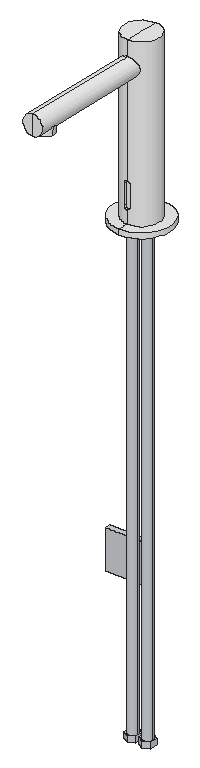
Revit family "BasinMixer-CountertopPhotocellMixer-WithMains-Vitra-AquaSeeSeries-A47213", category Plumbing Fixtures, host Face, Revit 2017
Family settings
  Host = Face
  Round Connector Dimension = Use Diameter
  Part Type = Normal
  OmniClass Number = 23.45.55.17
  OmniClass Title = Mixing Faucets
  Cut with Voids When Loaded = No
  Shared = Yes
  Room Calculation Point = No
Parameters (values of type "BasinMixer-CountertopPhotocellMixer-Vitra-AquaSeeSeries-A47213")
  Youtube = "https://www.youtube.com/user/VitrAglobal"
  Weight Net (kg) = "2.57"
  Waste Connection = no
  Warranty Period (Year) = "2 Years"
  Vent Connection = no
  Uniformat II Description = "Plumbing Fixture"
  Uniformat II Code = "22 40 00"
  Uniclass 2015 Name = "Washbasin Tap"
  Uniclass 2015 Code = "Pr_40_20_87_98"
  Uniclass 2.0 Description = "Washbasin Tap"
  Uniclass 2.0 Code = "Pr_40_30_96_98"
  Uniclass 1.4 Description = "Mixer taps"
  Uniclass 1.4 Code = "L725111"
  URL = "https://vitraglobal.com/"
  UNSPSC Description = ""
  UNSPSC Code = ""
  Test Pressure = "16 bar"
  Technical description = "https://www.vitra.com.tr/pdf/A47213/"
  Tap hole Options (default) = ""
  Specification = ""
  Region South America = "All"
  Region Oceania = "All"
  Region North America = "All"
  Region Middle East = "All"
  Region Europe = "All"
  Region Asia = "All"
  Region Antarctica = "All"
  Region Africa = "All"
  Range of flow pressure = "1 - 5 bar"
  Range of Hot Water Supply = "5 - 65 °C"
  Product url = "https://www.vitra.com.tr/armaturler/lavabo-bataryalari/elektronik-lavabo-bataryasi/origin-temassiz-lavabo-bataryasi-tezgah-uzeri-sku-A47213/"
  Product manual = ""
  Product group = "AquaSee Basin Mixer"
  Product family = "AquaSee"
  Product data url = "https://www.bimobject.com/vitra-bathrooms/product/a47213"
  Product certification = "https://www.vitraglobal.com/brochures/"
  Product Type = "Basin Mixer"
  Product SKU = "A47213"
  Product Properties = "Energy Saving"
  Product Guid = ""
  Power Source Mains = yes
  Power Source Battery = no
  OmniClass Description = "Mixing Faucets"
  OmniClass Code = "23.45.55.17"
  Number Of Connections = "2"
  Nominal Width (mm) = 58 mm
  Nominal Height (mm) = 175 mm
  Nominal Depth (mm) = 170 mm
  NBS Referans Description = "Water supply fittings for wash basins and troughs"
  NBS Referans Code = "45-35-70/371"
  Mounting type = "Countertop"
  Model = "A47213"
  Min. flow pressure of = "0.5 bar"
  Masterformat 2014 Description = "Plumbing Fixtures"
  Masterformat 2014 Code = "22 40 00"
  Manufacturer name = "Vitra"
  Manufacturer = "Vitra"
  Main Material = "Brass"
  Installation instructions = ""
  IFC Classification = "Sanitary Terminal"
  Hot Water temperature, factory set to = "38 °C"
  Hot Water Supply (max.) = "80 °C"
  Help = ""
  HW Connection = yes
  GTIP code = ""
  Flow Rate(L/min. - 3 bar) = "5 L/min."
  Features = ""
  EAN code = ""
  Design country = "Turkey"
  Description = "Touch Free Basin Mixer - Counter top (Mains) Hot-Cold Water Inlet"
  Default Elevation = 850 mm
  Connection Diameter (mm) = 10 mm
  Color = "Chrome"
  Coating Material = Chrome
  Calculated flow = ""
  CW Connection = yes
  COBIe Type Category = ""
  Brand = "Artema"
  BIMobject category = "Taps & Mixers"
  Article No. (default) = "A47213"
  Approvals = ""
  ApplicationType = ""
  Accessories (default) = ""
Types (5, lengths in mm): name | Technical description | Product url | Product data url | Product SKU | Model | Color | Coating Material | Article No. (default)
  (no name) | "https://www.vitra.com.tr/pdf/A47213/" | "https://www.vitra.com.tr/armaturler/lavabo-bataryalari/elektronik-lavabo-bataryasi/origin-temassiz-lavabo-bataryasi-tezgah-uzeri-sku-A47213/" | "https://www.bimobject.com/vitra-bathrooms/product/a47213" | "A47213" | "A47213" | "Chrome" | Chrome | "A47213"
  BasinMixer-CountertopPhotocellMixer-Vitra-AquaSeeSeries-A47213 | "https://www.vitra.com.tr/pdf/A47213/" | "https://www.vitra.com.tr/armaturler/lavabo-bataryalari/elektronik-lavabo-bataryasi/origin-temassiz-lavabo-bataryasi-tezgah-uzeri-sku-A47213/" | "https://www.bimobject.com/vitra-bathrooms/product/a47213" | "A47213" | "A47213" | "Chrome" | Chrome | "A47213"
  BasinMixer-CountertopPhotocellMixer-Vitra-AquaSeeSeries-A4721326 | "https://www.vitraglobal.com/pdf/A4721326/" | "https://www.vitraglobal.com/taps-mixers/basin-mixers/electronic-basin-mixers/origin-touch-free-basin-mixer-counter-top-sku-A4721326/" | "" | "A4721326" | "A4721326" | "Copper" | Copper | "A4721326"
  BasinMixer-CountertopPhotocellMixer-Vitra-AquaSeeSeries-A4721334 | "https://www.vitraglobal.com/pdf/A4721334/" | "https://www.vitraglobal.com/taps-mixers/basin-mixers/electronic-basin-mixers/origin-touch-free-basin-mixer-counter-top-sku-A4721334/" | "" | "A4721334" | "A4721334" | "Brushed Nickel" | Brushed Nickel | "A4721334"
  BasinMixer-CountertopPhotocellMixer-Vitra-AquaSeeSeries-A4721336 | "https://www.vitraglobal.com/pdf/A4721336/" | "https://www.vitraglobal.com/taps-mixers/basin-mixers/electronic-basin-mixers/origin-touch-free-basin-mixer-counter-top-sku-A4721336/" | "" | "A4721336" | "A4721336" | "Matte Black" | Matte Black | "A4721336"
Reference planes
  plane 1 "Center (Front/Back)": y = 0
  plane 2: z = 0
  plane 3 "Center (Left/Right)": x = 0
  plane 4: z = 175
  plane 5: x = -29.029
  plane 6: x = 28.971
  plane 7: y = 29.511
  plane 8: y = -140.489
Forms (mm)
  Extrusion 1, solid
    sketch origin (-207.5, 75, 130) x (1, 0, 0) y (0, 1, 0)
      loop
        circle (213.725, -74.46) r 5
    from -130 to -605
  Extrusion 2, solid
    sketch origin (-207.5, 75, -475) x (0, 1, 0) y (1, 0, 0)
      loop
        line (-81.652, 213.664) -> (-78.054, 207.432) -> (-70.857, 207.432) -> (-67.259, 213.664) -> (-70.857, 219.896) -> (-78.054, 219.896) -> (-81.652, 213.664)
    from 0 to 6
  Extrusion 3, solid
    sketch origin (-222.5, 75, 130) x (1, 0, 0) y (0, 1, 0)
      loop
        circle (213.725, -74.46) r 5
    from -130 to -605
  Extrusion 4, solid
    sketch origin (-222.5, 75, -475) x (0, 1, 0) y (1, 0, 0)
      loop
        line (-81.652, 213.664) -> (-78.054, 207.432) -> (-70.857, 207.432) -> (-67.259, 213.664) -> (-70.857, 219.896) -> (-78.054, 219.896) -> (-81.652, 213.664)
    from 0 to 6
  Revolve 5, solid, material "Chrome" <- "Coating Material", detail levels fine
    sketch origin (0, 0, 0) x (0, 1, 0) y (0, 0, 1)
      loop
        line (0.54, 0) -> (29.511, 0) -> (29.511, 5) -> (18.568, 5) -> (18.568, 175) -> (0.54, 175) -> (0.54, 0)
      axis (0.54, 0) -> (0.54, 175)
    angle from 0 to 360
  Revolve 6, solid, material "Chrome" <- "Coating Material", detail levels fine
    sketch origin (0, 0, 0) x (0, 1, 0) y (0, 0, 1)
      loop
        line (-139.432, 149.8) -> (-4.432, 149.8) -> (-4.432, 159.8) -> (-139.432, 159.8) -> (-139.432, 149.8)
      axis (-139.432, 149.8) -> (-4.432, 149.8)
    angle from 0 to 360
  Extrusion 7, solid, material "Chrome" <- "Coating Material", detail levels fine
    sketch origin (0, -124.737, 137.425) x (1, 0, 0) y (0, -0.990268, 0.139173)
      loop
        circle (0, 0) r 9
    from 0 to -14.437
  Extrusion 8, void
    sketch origin (0, -15.894, 21.417) x (-1, 0, 0) y (0, 0, -1)
      loop
        arc (3.435, -0.133) -> (0, 3.302) -> (-3.435, -0.133) r 3.435
        line (-3.435, -0.133) -> (-3.435, -20.333)
        arc (-3.435, -20.333) -> (0, -23.768) -> (3.435, -20.333) r 3.435
        line (3.435, -20.333) -> (3.435, -0.133)
    from 0 to 4.823
  Extrusion 9, solid
    sketch origin (0, 0, 0) x (1, 0, 0) y (0, 0, 1)
      loop
        line (-53.801, -347.216) -> (-93.801, -347.216) -> (-93.801, -387.216) -> (-53.801, -387.216) -> (-53.801, -347.216)
    from -76.7 to -71.7
  Extrusion 10, solid, detail levels coarse
    sketch origin (0, 0, 0) x (1, 0, 0) y (0, 1, 0)
      loop
        line (28.971, 29.511) -> (-29.029, 29.511) -> (-29.029, -140.489) -> (28.971, -140.489) -> (28.971, 29.511)
    from 0 to 175
  Revolve 11, solid, detail levels medium
    sketch origin (0, 0, 0) x (0, 1, 0) y (0, 0, 1)
      loop
        line (0.54, 175) -> (0.54, 0) -> (29.511, 0) -> (29.511, 5) -> (18.568, 5) -> (18.568, 175) -> (0.54, 175)
      axis (0.54, 0) -> (0.54, 175)
    angle from 0 to 360
  Extrusion 12, solid, detail levels medium
    sketch origin (-29.029, -140.489, 0) x (1, 0, 0) y (0, 0, 1)
      loop
        circle (29.029, 149.8) r 10
    from 0 to -135.692
Cuts and joins
  Extrusion 8 cuts Revolve 5
  joined: Revolve 5, Revolve 6, Extrusion 7
Dimensions and locks
  "Nominal Height (mm)": plane 4 to host face
  "Nominal Width (mm)": plane 5 to plane 6
  "Nominal Depth (mm)": plane 7 to plane 8
  aligned and locked: plane 2 to host face
  aligned and locked: level to host face
Automatic sketch dimensions
  host sketch curve to host sketch curve = 2438.4 mm  (x2)
  Extrusion 1 sketch curve to plane 1 "Center (Front/Back)" = 0.54 mm
  plane 3 "Center (Left/Right)" to Extrusion 1 sketch curve = 6.225 mm
  Extrusion 2 sketch curve to Extrusion 2 sketch curve = 3.598 mm  (x3)
  Extrusion 2 sketch curve to Extrusion 2 sketch curve = 7.196 mm  (x2)
  Extrusion 2 sketch curve to Extrusion 2 sketch curve = 6.232 mm  (x3)
  Extrusion 3 sketch curve to plane 1 "Center (Front/Back)" = 0.54 mm
  Extrusion 3 sketch curve to plane 3 "Center (Left/Right)" = 8.775 mm
  Extrusion 4 sketch curve to Extrusion 4 sketch curve = 3.598 mm  (x3)
  Extrusion 4 sketch curve to Extrusion 4 sketch curve = 7.196 mm  (x2)
  Extrusion 4 sketch curve to Extrusion 4 sketch curve = 6.232 mm  (x3)
  Revolve 5 sketch curve to level = 0 mm
  Revolve 5 sketch curve to plane 4 = 0 mm
  Revolve 5 sketch curve to plane 1 "Center (Front/Back)" = 0.54 mm  (x2)
  Revolve 5 sketch curve to Revolve 5 sketch curve = 18.029 mm
  Revolve 5 sketch curve to Revolve 5 sketch curve = 10.943 mm
  level to Revolve 5 sketch curve = 5 mm
  Revolve 5 sketch curve to Revolve 5 sketch curve = 82.5 mm
  Revolve 5 sketch curve to Revolve 5 sketch curve = 35 mm
  Revolve 6 sketch curve to plane 4 = 25.2 mm  (x2)
  plane 1 "Center (Front/Back)" to Revolve 6 sketch curve = 139.432 mm
  plane 1 "Center (Front/Back)" to Revolve 6 sketch curve = 4.432 mm
  Revolve 6 sketch curve to Revolve 6 sketch curve = 10 mm
  Revolve 6 sketch curve to Revolve 6 sketch curve = 45 mm
  Revolve 6 sketch curve to Revolve 6 sketch curve = 35 mm
  Extrusion 7 sketch curve to Extrusion 7 sketch curve = 0 mm  (x2)
  Extrusion 7 sketch curve to plane 3 "Center (Left/Right)" = 0 mm
  Extrusion 7 sketch curve to Extrusion 7 sketch curve = 9 mm
  Extrusion 8 sketch curve to plane 3 "Center (Left/Right)" = 0 mm
  plane 3 "Center (Left/Right)" to Extrusion 8 sketch curve = 3.435 mm
  level to Extrusion 8 sketch curve = 41.75 mm
  Extrusion 8 sketch curve to Extrusion 8 sketch curve = 20.2 mm
  plane 5 to Extrusion 9 sketch curve = 64.773 mm
  plane 5 to Extrusion 9 sketch curve = 24.773 mm
  Extrusion 9 sketch curve to level = 387.216 mm
  Extrusion 9 sketch curve to Extrusion 9 sketch curve = 40 mm
  Extrusion 10 sketch curve to plane 5 = 0 mm
  Extrusion 10 sketch curve to plane 6 = 0 mm
  Extrusion 10 sketch curve to plane 8 = 0 mm
  Extrusion 10 sketch curve to plane 7 = 0 mm
  Revolve 11 sketch curve to plane 4 = 0 mm
  Revolve 11 sketch curve to level = 0 mm
  Revolve 11 sketch curve to plane 7 = 0 mm
  Revolve 11 sketch curve to plane 7 = 10.943 mm
  Revolve 11 sketch curve to plane 1 "Center (Front/Back)" = 0.54 mm  (x2)
  level to Revolve 11 sketch curve = 5 mm
  Revolve 11 sketch curve to Revolve 11 sketch curve = 35 mm
  Revolve 11 sketch curve to Revolve 11 sketch curve = 15 mm
  Extrusion 12 sketch curve to Extrusion 12 sketch curve = 0 mm  (x2)
  Extrusion 12 sketch curve to Extrusion 10 = 28.971 mm
  Extrusion 10 to Extrusion 12 sketch curve = 25.2 mm
  Extrusion 12 sketch curve to Extrusion 12 sketch curve = 10 mm
  radius of Extrusion 1 sketch curve = 5 mm
  radius of Extrusion 3 sketch curve = 5 mm
Connectors
  piping at (6.164, 0.545, -481), diameter 10, driven by "Connection Diameter (mm)", driven by "CW Connection"
    settings: on Extrusion 2, index 1, connector inside diameter 609.6 mm, connector length 0 mm, flow factor 0, pipe flow 0.0 L/s, pressure drop 0.0 Pa, fitting loss kfactor 0, connector angle 0.00°, fixture units 0, engagement length 0 mm, angle of deflection 0.00°, flow configuration 0, flow direction 1, fitting loss method 0, system type 20, joint type 0, gender type 0, connector reference index -1, connector utility 1, adjustable connector no, is connector primary yes, connector description ""
  piping at (-8.836, 0.545, -481), diameter 10, driven by "Connection Diameter (mm)", driven by "HW Connection"
    settings: on Extrusion 4, index 2, connector inside diameter 609.6 mm, connector length 0 mm, flow factor 0, pipe flow 0.0 L/s, pressure drop 0.0 Pa, fitting loss kfactor 0, connector angle 0.00°, fixture units 0, engagement length 0 mm, angle of deflection 0.00°, flow configuration 0, flow direction 1, fitting loss method 0, system type 19, joint type 0, gender type 0, connector reference index -1, connector utility 1, adjustable connector no, is connector primary no, connector description ""
  electrical at (-73.801, 76.7, -367.216), driven by "Power Source Mains"
    settings: on Extrusion 9, index 3, voltage 220 V, apparent load 0 VA, apparent load phase1 0 VA, apparent load phase2 0 VA, apparent load phase3 0 VA, power factor 1, load classification "Power", number of poles 1, system type 31, power factor state 1, is connector primary yes, connector utility yes, sub classification motor no, connector description ""
